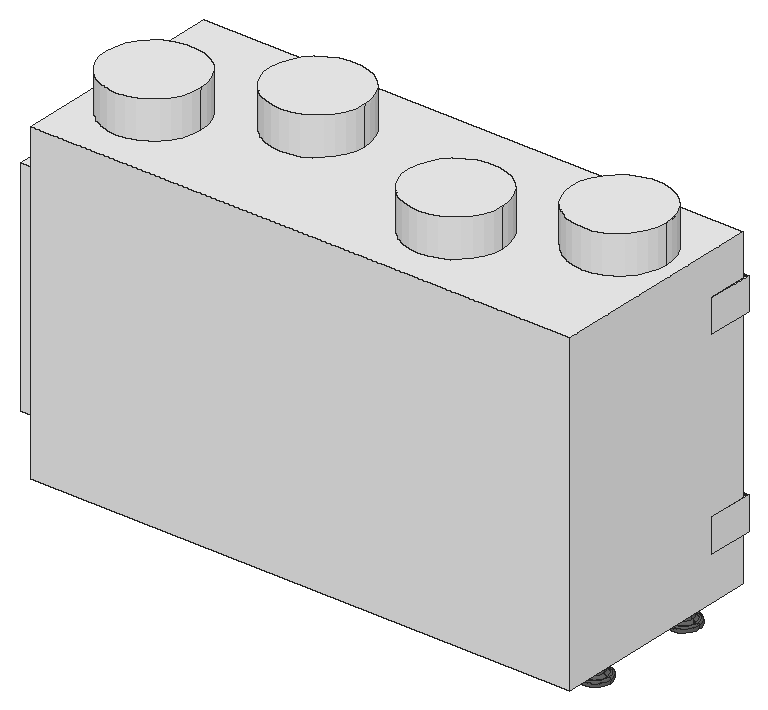
Revit family "BLAUBERG-KOMFORT_UltraEC_S2_300", category Mechanical Equipment, Revit 2019
Family settings
  Round Connector Dimension = Use Diameter
  Classification = None
  Part Type = Normal
  OmniClass Number = 23.75.35.14
  OmniClass Title = Air Handling Units
  Work Plane-Based = No
  Always vertical = Yes
  Cut with Voids When Loaded = No
  Shared = No
  Room Calculation Point = No
Parameters (values of type "KOMFORT Ultra EC S2 300-H")
  dLFeets = 22 mm
  dBFeets = 70 mm
  Weight = 32.00 kg
  Standard Service Side [instance] = yes
  Sound Pressure Level at 3 m (dBA) = "33"
  ServiceDoorB = 20 mm  # constant formula
  Service Side 2 [instance] = Standard Service Side  # yes
  Service Side 1 [instance] = not(Standard Service Side)  # no
  MountingPlateH2 = 343 mm
  MountingPlateH1 = 82 mm
  MountingPlateGapB = 7 mm  # constant formula
  MountingPlateB = MountingPlateGapB + 15 mm  # 22 mm
  Maintenance Zone Side 2 [instance] = if(Maintenance Zone, (if(not(Standard Service Side), 1 = 1, 1 = 0)), 1 = 0)  # no
  Maintenance Zone Side 1 [instance] = if(Maintenance Zone, (if(Standard Service Side, 1 = 1, 1 = 0)), 1 = 0)  # no
  Plastic Material = Polypropylene Black
  Maximum Unit Power = 165 W
  Unit Current = 1.3 A
  Leveling Feets Height Calc [instance] = if(Leveling Feets Height < 23 mm, 23 mm, Leveling Feets Height)  # 23 mm
  Leveling Feets Height [instance] = 23 mm
  Leveling Feets [instance] = yes
  L4 = 234 mm
  L3 = 80 mm
  L2 = 234 mm
  L1 = 80 mm
  Heat Exchanger Material = "polystyrene"
  HDuctCon = 50 mm  # constant formula
  H = 419 mm
  ElConB = 143.5 mm
  ElConH = 179 mm
  ElBoxH = 63 mm
  ElBoxB = 164 mm
  ElBoxA = 294 mm
  DrainPipeD = if(Drain Connection Diameter = 0 mm, 1 mm, Drain Connection Diameter)  # 16 mm
  DrainPipe = yes
  DrainConB = 247 mm
  Drain Flow [instance] = 0.0 L/s
  Drain Connection Diameter = 16 mm
  BackFeetD = 20 mm  # constant formula
  B2 = 104 mm
  Air Flow Factor [instance] = 1  # constant formula
  B1 = 104 mm
  L = 714 mm
  Voltage = 230 V
  URL = "https://blaubergventilatoren.de/en/product/komfort-ultra-ec-s2-300-h-s14-white"
  Type Comments = "Air Handling Unit KOMFORT Ultra EC S2 300-H"
  Transported Air Temperature (°C) = "-25…+40"
  Supply Air Filter = "G4 (option F7)"
  SEC Class = "A"
  RPM (min-1) = 2050
  Power Factor = 1
  Power = Maximum Unit Power  # 165 W
  Number of Poles = 1
  Model = "KOMFORT Ultra EC S2 300-H"
  Maximum Air Flow = 300 m³/h
  Manufacturer = "Blauberg"
  Maintenance Zone Material = Maintenance Zone
  Front Maintenance Zone Height = 500 mm
  Maintenance Zone [instance] = no
  Load Classification = HVAC
  B = 287 mm
  Heat recovery efficiency (%) = "55..79"
  Heat Exchanger Type = "cross-flow"
  Metal Material = Metal Zinc
  Family Version = "1.0"  # constant formula
  Extract Air Filter = "G4"
  Duct Connection Diameter = 125 mm
  Description = "Air Handling Unit"
  D = Duct Connection Diameter  # 125 mm
  Current = Unit Current  # 1.3 A
  Copyright = "©Blauberg"
  Casing Material = Painted Steel White
  Apparent Power [instance] = Power / Power Factor  # 165 VA
  Air Flow Supply [instance] = 0 m³/h
  Air Flow Exhaust [instance] = 0 m³/h
Types (2, lengths in mm): name | Weight | Heat Exchanger Material | DrainPipeD | DrainPipe | Drain Connection Diameter | URL | Type Comments | Model | Heat recovery efficiency (%)
  KOMFORT Ultra EC S2 300-H | 32.00 kg | "polystyrene" | 16 | yes | 16 | "https://blaubergventilatoren.de/en/product/komfort-ultra-ec-s2-300-h-s14-white" | "Air Handling Unit KOMFORT Ultra EC S2 300-H" | "KOMFORT Ultra EC S2 300-H" | "55..79"
  KOMFORT Ultra EC S2 300-E | 28.00 kg | "enthalpy" | 1 | no | 0 | "https://blaubergventilatoren.de/en/product/komfort-ultra-ec-s2-300-e-s14-white" | "Air Handling Unit KOMFORT Ultra EC S2 300-E" | "KOMFORT Ultra EC S2 300-E" | "51..73"
Reference planes
  plane 1 "Center (Front/Back)": y = 0
  plane 2: z = 0
  plane 3 "Center (Left/Right)": x = 0
  plane 4 "Right": x = 357
  plane 5 "Front": y = -143.5
  plane 6 "Left": x = -357
  plane 7 "Top": z = 442
  plane 8 "Back": y = 143.5
  plane 9 "DuctConL2": x = -123
  plane 10 "DuctConB1": y = 39.5
  plane 11 "DuctConB2": y = -39.5
  plane 12 "DuctConB3": z = 492
  plane 13 "DuctConB4": z = 516
  plane 14 "Bottom": z = 23
  plane 15 "FeetsL1": x = -335
  plane 16 "FeetsL2": x = 335
  plane 17 "FeetsB1": y = 73.5
  plane 18 "FeetsB2": y = -73.5
  plane 19 "ElConH": z = 202
  plane 20 "DuctConL4": x = 123
  plane 21 "DuctConL1": x = -277
  plane 22 "ElConB": y = 0
  plane 23 "ServiceDoorBack": y = 123.5
  plane 24 "ServiceDoorFront": y = -123.5
  plane 25 "DrainConB": x = 110
  plane 26 "DuctConL3": x = 277
  plane 27: z = 349
  plane 28: z = 55
  plane 29: y = 82
  plane 30: y = -82
  plane 31 "MountingPlateFront": y = -150.5
  plane 32 "MountingPlateBack": y = 150.5
  plane 33 "MountingPlateH2": z = 366
  plane 34 "MountingPlateH1": z = 105
  plane 35 "ElBoxH": x = -420
Forms (mm)
  Extrusion 1, solid, material "Painted Steel White" <- "Casing Material", detail levels medium+fine
    sketch origin (0, 377, 23) x (-1, 0, 0) y (0, -1, 0)
      loop
        line (357, 233.5) -> (357, 520.5) -> (-357, 520.5) -> (-357, 233.5) -> (357, 233.5)
    from 0 to 419
  Extrusion 2, solid, material "Painted Steel White" <- "Casing Material", detail levels medium+fine
    sketch origin (0, 0, 442) x (-1, 0, 0) y (0, -1, 0)
      loop
        circle (277, 39.5) r 62.5
      loop
        circle (-123, 39.5) r 62.5
      loop
        circle (-277, -39.5) r 62.5
      loop
        circle (123, -39.5) r 62.5
    from 0 to 50
  Extrusion 3, solid, material "Polypropylene Black" <- "Plastic Material", visible <- "DrainPipe", detail levels medium+fine
    sketch origin (0, 0, 23) x (-1, 0, 0) y (0, -1, 0)
      loop
        circle (-110, 0) r 8
    from 0 to -35
  Extrusion 4, solid, material "Painted Steel White" <- "Casing Material", detail levels medium+fine
    sketch origin (-357, 0, 0) x (0, 1, 0) y (0, 0, 1)
      loop
        line (82, 349) -> (-82, 349) -> (-82, 55) -> (82, 55) -> (82, 349)
    from 0 to -63
Lines and regions (mm)
  model lines, detail levels coarse
    curve 1: line (-357, -143.5, 442) -> (-357, 143.5, 442)
    curve 2: line (357, -143.5, 442) -> (-357, -143.5, 442)
    curve 3: line (357, 143.5, 442) -> (357, -143.5, 442)
    curve 4: line (-357, -143.5, 23) -> (-357, 143.5, 23)
    curve 5: line (357, -143.5, 23) -> (-357, -143.5, 23)
    curve 6: line (357, 143.5, 23) -> (357, -143.5, 23)
    curve 7: line (-357, -143.5, 442) -> (357, -143.5, 442)
    curve 8: line (-357, -143.5, 23) -> (-357, -143.5, 442)
    curve 9: line (357, -143.5, 23) -> (-357, -143.5, 23)
    curve 10: line (357, -143.5, 442) -> (357, -143.5, 23)
    curve 11: line (-357, -143.5, 442) -> (-357, -143.5, 23)
    curve 12: line (357, -143.5, 442) -> (357, -143.5, 23)
    curve 13: line (-123, 39.5, 492) -> (-123, 39.5, 442)
    curve 14: line (-357, 143.5, 23) -> (357, 143.5, 23)
    curve 15: line (-357, 143.5, 442) -> (357, 143.5, 442)
    curve 16: line (-357, 143.5, 442) -> (-357, 143.5, 23)
    curve 17: line (357, 143.5, 442) -> (357, 143.5, 23)
    curve 18: line (-277, -39.5, 492) -> (-277, -39.5, 442)
    curve 19: line (277, 39.5, 492) -> (277, 39.5, 442)
    curve 20: line (123, -39.5, 492) -> (123, -39.5, 442)
Dimensions and locks
  "B": plane 8 "Back" to plane 5 "Front"
  equal spacing: plane 6 "Left", plane 3 "Center (Left/Right)", plane 4 "Right"
  "L": plane 6 "Left" to plane 4 "Right"
  "dBFeets": plane 8 "Back" to plane 17 "FeetsB1"
  "dBFeets": plane 18 "FeetsB2" to plane 5 "Front"
  "dLFeets": plane 6 "Left" to plane 15 "FeetsL1"
  "dLFeets": plane 16 "FeetsL2" to plane 4 "Right"
  "Leveling Feets Height Calc": plane 14 "Bottom" to level
  "HDuctCon": plane 12 "DuctConB3" to plane 7 "Top"
  "H": plane 7 "Top" to plane 14 "Bottom"
  "B1": plane 11 "DuctConB2" to plane 5 "Front"
  "L1": plane 6 "Left" to plane 21 "DuctConL1"
  "ElConB": plane 8 "Back" to plane 22 "ElConB"
  "ElConH": plane 19 "ElConH" to plane 14 "Bottom"
  "ServiceDoorB": plane 8 "Back" to plane 23 "ServiceDoorBack"
  "ServiceDoorB": plane 24 "ServiceDoorFront" to plane 5 "Front"
  "L2": plane 6 "Left" to plane 9 "DuctConL2"
  "L4": plane 20 "DuctConL4" to plane 4 "Right"
  equal spacing: plane 8 "Back", plane 1 "Center (Front/Back)", plane 5 "Front"
  "L3": plane 26 "DuctConL3" to plane 4 "Right"
  "B2": plane 8 "Back" to plane 10 "DuctConB1"
  equal spacing: plane 29, plane 22 "ElConB", plane 30
  equal spacing: plane 27, plane 19 "ElConH", plane 28
  "ElBoxA": plane 27 to plane 28
  "ElBoxB": plane 29 to plane 30
  "DrainConB": plane 25 "DrainConB" to plane 4 "Right"
  "MountingPlateGapB": plane 32 "MountingPlateBack" to plane 8 "Back"
  "MountingPlateGapB": plane 5 "Front" to plane 31 "MountingPlateFront"
  "MountingPlateH1": plane 34 "MountingPlateH1" to plane 14 "Bottom"
  "MountingPlateH2": plane 33 "MountingPlateH2" to plane 14 "Bottom"
  "ElBoxH": plane 35 "ElBoxH" to plane 6 "Left"
  "D": diameter of Extrusion 2 sketch curve  (x4)
  "DrainPipeD": diameter of Extrusion 3 sketch curve
  aligned and locked: level to plane 2
  aligned and locked: plane 15 "FeetsL1" to nested 1
  aligned and locked: nested 1 to plane 17 "FeetsB1"
  aligned and locked: plane 16 "FeetsL2" to nested 2
  aligned and locked: nested 2 to plane 17 "FeetsB1"
  aligned and locked: nested 3 to plane 18 "FeetsB2"
  aligned and locked: plane 16 "FeetsL2" to nested 3
  aligned and locked: plane 15 "FeetsL1" to nested 4
  aligned and locked: nested 4 to plane 18 "FeetsB2"
  aligned and locked: Extrusion 1 sketch curve to plane 8 "Back"
  aligned and locked: plane 6 "Left" to Extrusion 1 sketch curve
  aligned and locked: plane 5 "Front" to Extrusion 1 sketch curve
  aligned and locked: Extrusion 1 sketch curve to plane 4 "Right"
  aligned and locked: plane 7 "Top" to Extrusion 1
  aligned and locked: plane 3 "Center (Left/Right)" to nested 5
  aligned and locked: nested 5 to plane 7 "Top"
  aligned and locked: curve 2 to Extrusion 1
  aligned and locked: curve 4 to curve 1
  aligned and locked: curve 5 to curve 2
  aligned and locked: curve 6 to nested 5
  aligned and locked: curve 8 to Extrusion 1
  aligned and locked: curve 10 to Extrusion 1
  aligned and locked: curve 11 to plane 5 "Front"
  aligned and locked: curve 12 to plane 5 "Front"
  aligned and locked: plane 12 "DuctConB3" to curve 13
  aligned and locked: plane 7 "Top" to curve 13
  aligned and locked: plane 8 "Back" to curve 3
  aligned and locked: plane 8 "Back" to curve 6
  aligned and locked: plane 6 "Left" to curve 14
  aligned and locked: curve 14 to plane 8 "Back"
  aligned and locked: plane 4 "Right" to curve 15
  aligned and locked: plane 6 "Left" to curve 15
  aligned and locked: curve 15 to plane 8 "Back"
  aligned and locked: plane 12 "DuctConB3" to Extrusion 2
  aligned and locked: plane 3 "Center (Left/Right)" to nested 6
  aligned and locked: nested 6 to plane 7 "Top"
  aligned and locked: plane 7 "Top" to curve 16
  aligned and locked: plane 14 "Bottom" to curve 16
  aligned and locked: plane 7 "Top" to curve 17
  aligned and locked: plane 14 "Bottom" to curve 17
  aligned and locked: plane 8 "Back" to curve 16
  aligned and locked: plane 8 "Back" to curve 17
  aligned and locked: plane 12 "DuctConB3" to curve 18
  aligned and locked: plane 12 "DuctConB3" to curve 19
  aligned and locked: plane 7 "Top" to curve 19
  aligned and locked: plane 7 "Top" to curve 18
  aligned and locked: curve 18 to plane 21 "DuctConL1"
  aligned and locked: plane 12 "DuctConB3" to curve 20
  aligned and locked: plane 7 "Top" to curve 20
  aligned and locked: curve 20 to plane 20 "DuctConL4"
  aligned and locked: plane 21 "DuctConL1" to Extrusion 2 sketch curve
  aligned and locked: plane 11 "DuctConB2" to Extrusion 2 sketch curve  (x2)
  aligned and locked: plane 9 "DuctConL2" to Extrusion 2 sketch curve
  aligned and locked: plane 10 "DuctConB1" to Extrusion 2 sketch curve  (x2)
  aligned and locked: plane 20 "DuctConL4" to Extrusion 2 sketch curve
  aligned and locked: plane 26 "DuctConL3" to Extrusion 2 sketch curve
  aligned and locked: plane 27 to Extrusion 4 sketch curve
  aligned and locked: Extrusion 4 sketch curve to plane 29
  aligned and locked: Extrusion 4 sketch curve to plane 28
  aligned and locked: Extrusion 4 sketch curve to plane 30
  aligned and locked: plane 10 "DuctConB1" to curve 13
  aligned and locked: curve 19 to plane 26 "DuctConL3"
  aligned and locked: plane 33 "MountingPlateH2" to nested 7
  aligned and locked: plane 34 "MountingPlateH1" to nested 8
  aligned and locked: plane 33 "MountingPlateH2" to nested 9
  aligned and locked: plane 34 "MountingPlateH1" to nested 10
  aligned and locked: plane 3 "Center (Left/Right)" to nested 7
  aligned and locked: plane 3 "Center (Left/Right)" to nested 9
  aligned and locked: plane 3 "Center (Left/Right)" to nested 8
  aligned and locked: plane 3 "Center (Left/Right)" to nested 10
  aligned and locked: Extrusion 4 to plane 35 "ElBoxH"
Automatic sketch dimensions
  curve 11 to plane 14 "Bottom" = 0 mm
  curve 11 to plane 7 "Top" = 0 mm
  curve 12 to plane 14 "Bottom" = 0 mm
  curve 12 to plane 7 "Top" = 0 mm
  curve 10 to plane 14 "Bottom" = 0 mm
  curve 7 to plane 7 "Top" = 0 mm
  plane 1 "Center (Front/Back)" to Extrusion 3 sketch curve = 0 mm
  Extrusion 3 sketch curve to plane 25 "DrainConB" = 0 mm
Nested families
  nested 1: "LevellingFeet" at (-335, 73.5, 0), visible <- "Leveling Feets", type "LevellingFeet", detail levels medium+fine
  nested 2: "LevellingFeet" at (335, 73.5, 0), visible <- "Leveling Feets", type "LevellingFeet", detail levels medium+fine
  nested 3: "LevellingFeet" at (335, -73.5, 0), visible <- "Leveling Feets", type "LevellingFeet", detail levels medium+fine
  nested 4: "LevellingFeet" at (-335, -73.5, 0), visible <- "Leveling Feets", type "LevellingFeet", detail levels medium+fine
  nested 5: "MaintenanceZone_Rect" at (0, -143.5, 232.5) x (1, 0, 0) z (0, 1, 0), visible <- "Maintenance Zone Side 1", type "Front", detail levels medium+fine
    with Maintenance Zone Width 419 mm, Maintenance Zone Length 714 mm, Maintenance Zone Height 500 mm
  nested 6: "MaintenanceZone_Rect" at (0, 143.5, 232.5) x (1, 0, 0) z (0, -1, 0), visible <- "Maintenance Zone Side 2", type "Front", detail levels medium+fine
    with Maintenance Zone Width 419 mm, Maintenance Zone Length 714 mm, Maintenance Zone Height 500 mm
  nested 7: "MountingPlate5" at (0, -150.5, 366) x (1, 0, 0) z (0, 1, 0), visible <- "Service Side 1", type "MountingPlate5", detail levels medium+fine
    with Width 43 mm, Lenght 714 mm, Height 60 mm
  nested 8: "MountingPlate5" at (0, -150.5, 105) x (1, 0, 0) z (0, 1, 0), visible <- "Service Side 1", type "MountingPlate5", detail levels medium+fine
    with Width 43 mm, Lenght 714 mm, Height 60 mm
  nested 9: "MountingPlate5" at (0, 150.5, 366) x (1, 0, 0) z (0, -1, 0), visible <- "Service Side 2", type "MountingPlate5", detail levels medium+fine
    with Width 43 mm, Lenght 714 mm, Height 60 mm
  nested 10: "MountingPlate5" at (0, 150.5, 105) x (1, 0, 0) z (0, -1, 0), visible <- "Service Side 2", type "MountingPlate5", detail levels medium+fine
    with Width 43 mm, Lenght 714 mm, Height 60 mm
Connectors
  hvac at (-277, -39.5, 492), driven by "Duct Connection Diameter", driven by "Air Flow Supply"
    settings: on Extrusion 2, index 1, duct flow 0 m³/h, flow factor 0, pres drop 0.0 Pa, loss coef 0, conn angle 0.00°, conn width 304.8 mm, conn height 304.8 mm, conn diameter 125 mm, duct sys type 1, conn prof type 0, flow config 0, flow direction 2, loss method 0, conn ref index -1, conn util no, is conn primary no, conn desc "Supply Air"
  hvac at (-123, 39.5, 492), driven by "Duct Connection Diameter", driven by "Air Flow Exhaust"
    settings: on Extrusion 2, index 2, duct flow 0 m³/h, flow factor 0, pres drop 0.0 Pa, loss coef 0, conn angle 0.00°, conn width 304.8 mm, conn height 304.8 mm, conn diameter 125 mm, duct sys type 3, conn prof type 0, flow config 0, flow direction 1, loss method 0, conn ref index -1, conn util no, is conn primary no, conn desc "Extract Air"
  hvac at (277, 39.5, 492), driven by "Duct Connection Diameter", driven by "Air Flow Exhaust"
    settings: on Extrusion 2, index 3, duct flow 0 m³/h, flow factor 0, pres drop 0.0 Pa, loss coef 0, conn angle 0.00°, conn width 304.8 mm, conn height 304.8 mm, conn diameter 125 mm, duct sys type 3, conn prof type 0, flow config 1, flow direction 2, loss method 0, conn ref index -1, conn util no, is conn primary no, conn desc "Exhaust Air"
  hvac at (123, -39.5, 492), driven by "Duct Connection Diameter", driven by "Air Flow Supply"
    settings: on Extrusion 2, index 4, duct flow 0 m³/h, flow factor 0, pres drop 0.0 Pa, loss coef 0, conn angle 0.00°, conn width 304.8 mm, conn height 304.8 mm, conn diameter 125 mm, duct sys type 1, conn prof type 0, flow config 1, flow direction 1, loss method 0, conn ref index -1, conn util no, is conn primary yes, conn desc "Intake Air"
  piping at (110, 0, -12), diameter 16, driven by "Drain Connection Diameter", driven by "Drain Flow"
    settings: on Extrusion 3, index 7, connector inside diameter 609.6 mm, connector length 0 mm, flow factor 0, pipe flow 0.0 L/s, pressure drop 0.0 Pa, fitting loss kfactor 0, connector angle 0.00°, fixture units 0, engagement length 0 mm, angle of deflection 0.00°, flow configuration 1, flow direction 2, fitting loss method 0, system type 16, joint type 0, gender type 0, connector reference index -1, connector utility 0, adjustable connector no, is connector primary yes, connector description "Drain"
  electrical at (-420, 0, 202), driven by "Number of Poles", driven by "Load Classification", driven by "Voltage", driven by "Apparent Power", driven by "Power Factor"
    settings: on Extrusion 4, index 8, voltage 230 V, apparent load 165 VA, apparent load phase1 0 VA, apparent load phase2 0 VA, apparent load phase3 0 VA, power factor 1, load classification "HVAC", number of poles 1, system type 30, power factor state 1, is connector primary yes, connector utility no, sub classification motor no, connector description ""
Definition of nested family "LevellingFeet"
  Parameters (values of type "LevellingFeet")
    r2 = d2 / 2  # 9 mm
    r1 = d1 / 2  # 12 mm
    h2 = 15 mm
    h1 = 6 mm
    d3 = 8 mm
    d2 = 18 mm
    d1 = 24 mm
    R = D / 2  # 20.5 mm
    Material = none
    H = 23 mm
    Default Elevation = 1219.2 mm
    D = 41 mm
  Reference planes
    plane 1 "Center (Front/Back)": y = 0
    plane 2: z = 0
    plane 3 "Center (Left/Right)": x = 0
    plane 4: z = 6
    plane 5: x = -9
    plane 6: x = -20.5
    plane 7: x = -12
    plane 8: z = 21
    plane 9: z = 23
  Forms (mm)
    Revolve 1, solid, material <- "Material"
      sketch origin (0, 0, 0) x (1, 0, 0) y (0, 0, 1)
        loop
          line (0, 21) -> (-9, 21) -> (-11.354, 9.228)
          arc (-11.354, 9.228) -> (-12.746, 6.91) -> (-15.292, 6) r 4.016
          line (-15.292, 6) -> (-18.541, 6)
          arc (-18.541, 6) -> (-19.926, 5.426) -> (-20.5, 4.041) r 1.959
          line (-20.5, 4.041) -> (-20.5, 0) -> (0, 0) -> (0, 21)
        axis (0, 21) -> (0, 0)
      angle from 0 to 360
    Extrusion 2, solid, material <- "Material"
      sketch origin (0, 0, 0) x (1, 0, 0) y (0, 1, 0)
        loop
          circle (0, 0) r 4
      from 23 to 6
  Cuts and joins
    joined: Revolve 1, Extrusion 2
  Dimensions and locks
    "r2": plane 3 "Center (Left/Right)" to plane 5
    "R": plane 3 "Center (Left/Right)" to plane 6
    "r1": plane 3 "Center (Left/Right)" to plane 7
    "h2": plane 8 to plane 4
    "h1": plane 4 to level
    "H": plane 9 to level
    "d3": diameter of Extrusion 2 sketch curve
    aligned and locked: level to plane 2
    aligned and locked: Revolve 1 sketch curve to plane 3 "Center (Left/Right)"
    aligned and locked: plane 8 to Revolve 1 sketch curve
    aligned and locked: Extrusion 2 to plane 4
    aligned and locked: plane 9 to Extrusion 2
    aligned and locked: cut or joined group of Revolve 1, Extrusion 2 to level
  Automatic sketch dimensions
    Revolve 1 sketch curve to level = 0 mm
    Revolve 1 sketch curve to plane 6 = 0 mm
    Revolve 1 sketch curve to plane 4 = 0 mm
    Revolve 1 sketch curve to plane 5 = 0 mm
    Revolve 1 sketch curve to plane 3 "Center (Left/Right)" = 0 mm
    plane 6 to Revolve 1 sketch curve = 1.959 mm
    Revolve 1 sketch curve to plane 7 = 3.292 mm
    plane 7 to Revolve 1 sketch curve = 0.646 mm
    plane 4 to Revolve 1 sketch curve = 3.228 mm
    Revolve 1 sketch curve to level = 336.045 mm
    plane 9 to Revolve 1 sketch curve = 2172.315 mm
    plane 1 "Center (Front/Back)" to Extrusion 2 sketch curve = 0 mm
    Extrusion 2 sketch curve to plane 3 "Center (Left/Right)" = 0 mm
Definition of nested family "MaintenanceZone_Rect"
  Parameters (values of type "MaintenanceZone_Rect")
    Maintenance Zone Width = 500 mm
    Material = none
    Maintenance Zone Length = 1000 mm
    Maintenance Zone Height = 300 mm
    Family Version = ""
    Default Elevation = 1219.2 mm
    Copyright = ""
  Reference planes
    plane 1 "Center (Front/Back)": y = 0
    plane 2: z = 0
    plane 3 "Center (Left/Right)": x = 0
    plane 4: x = -500
    plane 5: x = 500
    plane 6: y = 250
    plane 7: y = -250
    plane 8: z = -300
  Forms (mm)
    Extrusion 1, solid, material <- "Material", detail levels medium+fine
      sketch origin (0, 0, 0) x (1, 0, 0) y (0, 1, 0)
        loop
          line (-500, 250) -> (-500, -250) -> (500, -250) -> (500, 250) -> (-500, 250)
      from 0 to -300
  Lines and regions (mm)
    symbolic lines, detail levels medium+fine
      curve 1: line (-500, 0, 0) -> (500, 0, 0)
      curve 2: line (-500, 0, -300) -> (-500, 0, 0)
      curve 3: line (500, 0, -300) -> (-500, 0, -300)
      curve 4: line (500, 0, 0) -> (500, 0, -300)
      curve 5: line (0, 250, 0) -> (0, -250, 0)
      curve 6: line (0, 250, -300) -> (0, 250, 0)
      curve 7: line (0, -250, -300) -> (0, 250, -300)
      curve 8: line (0, -250, 0) -> (0, -250, -300)
      curve 9: line (-500, 250, 0) -> (500, 250, 0)
      curve 10: line (-500, -250, 0) -> (-500, 250, 0)
      curve 11: line (500, -250, 0) -> (-500, -250, 0)
      curve 12: line (500, 250, 0) -> (500, -250, 0)
  Dimensions and locks
    equal spacing: plane 6, plane 1 "Center (Front/Back)", plane 7
    equal spacing: plane 4, plane 3 "Center (Left/Right)", plane 5
    "Maintenance Zone Width": plane 6 to plane 7
    "Maintenance Zone Length": plane 4 to plane 5
    "Maintenance Zone Height": plane 2 to plane 8
    aligned and locked: level to plane 2
    aligned and locked: Extrusion 1 sketch curve to plane 6
    aligned and locked: plane 4 to Extrusion 1 sketch curve
    aligned and locked: plane 7 to Extrusion 1 sketch curve
    aligned and locked: Extrusion 1 sketch curve to plane 5
    aligned and locked: Extrusion 1 to plane 8
    aligned and locked: curve 1 to Extrusion 1
    aligned and locked: curve 2 to Extrusion 1
    aligned and locked: curve 3 to Extrusion 1
    aligned and locked: curve 4 to Extrusion 1
    aligned and locked: curve 5 to Extrusion 1
    aligned and locked: curve 6 to Extrusion 1
    aligned and locked: curve 7 to Extrusion 1
    aligned and locked: curve 8 to Extrusion 1
    aligned and locked: curve 9 to Extrusion 1
    aligned and locked: curve 10 to Extrusion 1
    aligned and locked: curve 11 to Extrusion 1
    aligned and locked: curve 12 to Extrusion 1
Definition of nested family "MountingPlate5"
  Parameters (values of type "MountingPlate5")
    Width = 50 mm
    Thickness = 2 mm
    Material = none
    Lenght = 500 mm
    Height = 30 mm
    Default Elevation = 1219.2 mm
  Reference planes
    plane 1 "Center (Front/Back)": y = 0
    plane 2: z = 0
    plane 3 "Center (Left/Right)": x = 0
    plane 4: x = -250
    plane 5: x = 250
    plane 6: y = -25
    plane 7: y = 25
    plane 8: z = 30
  Forms (mm)
    Extrusion 1, solid, material <- "Material"
      sketch origin (0, 0, 0) x (1, 0, 0) y (0, 0, 1)
        loop
          line (-250, 30) -> (-252, 30) -> (-252, 0) -> (252, 0) -> (252, 30) -> (250, 30) -> (250, 2) -> (-250, 2) -> (-250, 30)
      from -25 to 25
  Dimensions and locks
    equal spacing: plane 4, plane 3 "Center (Left/Right)", plane 5
    "Lenght": plane 4 to plane 5
    "Height": plane 8 to level
    equal spacing: plane 6, plane 1 "Center (Front/Back)", plane 7
    "Width": plane 6 to plane 7
    "Thickness": Extrusion 1 sketch curve to plane 2
    "Thickness": Extrusion 1 sketch curve to plane 5
    "Thickness": plane 4 to Extrusion 1 sketch curve
    aligned and locked: level to plane 2
    aligned and locked: Extrusion 1 sketch curve to plane 4
    aligned and locked: plane 5 to Extrusion 1 sketch curve
    aligned and locked: plane 8 to Extrusion 1 sketch curve  (x2)
    aligned and locked: plane 2 to Extrusion 1 sketch curve
    aligned and locked: Extrusion 1 to plane 7
    aligned and locked: plane 6 to Extrusion 1
